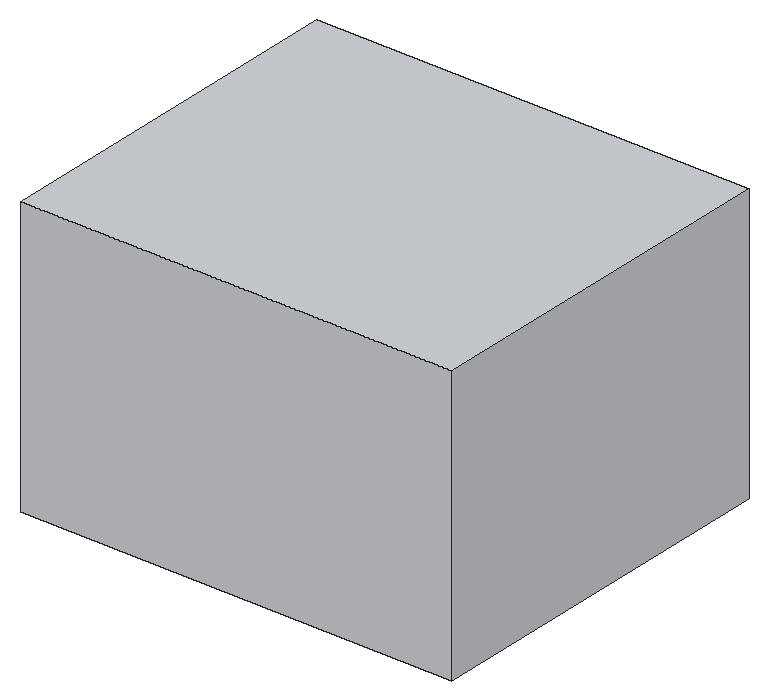
Revit family "ALG_Cutout_Slab", category Allgemeines Modell, Revit 2017
Family settings
  Kann Basisbauteil für Bewehrung sein = Nein
  Bemaßung runder Anschluss = Durchmesser verwenden
  Teiletyp = Normal
  Arbeitsebenenbasiert = Nein
  Immer vertikal = Ja
  Beim Laden mit Abzugskörper schneiden = Nein
  Gemeinsam genutzt = Nein
  Raumberechnungspunkt = Nein
Parameters (values of type "DD")
  DDR [instance] = no
  DD [instance] = yes
  ALG_Durchbruch_TiefeOhneOffset [instance] = 500 mm
  ALG_Durchbruch_Tiefe [instance] = ALG_Durchbruch_TiefeOhneOffset + (ALG_Durchbruch_Offset * 2)  # 600 mm
  ALG_Durchbruch_Offset [instance] = 50 mm
  ALG_Durchbruch_Höhe [instance] = 450 mm
  ALG_Durchbruch_BreiteOhneOffset [instance] = 600 mm
  ALG_Durchbruch_Breite [instance] = ALG_Durchbruch_BreiteOhneOffset + (ALG_Durchbruch_Offset * 2)  # 700 mm
Reference planes
  plane 1 "Mitte (Vorne/Hinten)": y = 0
  plane 2: z = 0
  plane 3 "Mitte (Links/Rechts)": x = 0
Forms (mm)
  Extrusion 1, solid, visible <- "DD"
    sketch origin (0, 0, 0) x (1, 0, 0) y (0, 1, 0)
      loop
        line (-231.582, -190.347) -> (468.418, -190.347) -> (468.418, 409.653) -> (-231.582, 409.653) -> (-231.582, -190.347)
    from -450 to 0
Lines and regions (mm)
  reference lines
    curve 1: line (-181.582, 396.497, 0) -> (-181.582, -180.347, 0)
    curve 2: line (-201.539, 359.653, 0) -> (418.418, 359.653, 0)
    curve 3: line (-201.539, -140.347, 0) -> (418.418, -140.347, 0)
    curve 4: line (418.418, 396.497, 0) -> (418.418, -190.347, 0)
    curve 5: line (-231.582, 409.653, 0) -> (468.418, 409.653, 0)
    curve 6: line (-231.582, -190.347, 0) -> (-231.582, 409.653, 0)
    curve 7: line (468.418, -190.347, 0) -> (-231.582, -190.347, 0)
    curve 8: line (468.418, 409.653, 0) -> (468.418, -190.347, 0)
    curve 9: line (-767.854, 0, -450) -> (932.146, 0, -450)
    curve 10: line (-143.075, 109.653, 0) -> (276.925, 109.653, 0)
    curve 11: line (118.418, 205.379, 0) -> (118.418, -94.621, 0)
Dimensions and locks
  "ALG_Durchbruch_Offset": curve 4 to curve 8
  "ALG_Durchbruch_Offset": curve 2 to curve 5
  "ALG_Durchbruch_Offset": curve 7 to curve 3
  "ALG_Durchbruch_Offset": curve 6 to curve 1
  "ALG_Durchbruch_Höhe": level to curve 9
  "ALG_Durchbruch_BreiteOhneOffset": curve 1 to curve 4
  "ALG_Durchbruch_TiefeOhneOffset": curve 3 to curve 2
  equal spacing: curve 3, curve 10, curve 2
  equal spacing: curve 1, curve 11, curve 4
  aligned and locked: level to plane 2
  aligned and locked: nested 1 to curve 10
  aligned and locked: nested 1 to curve 11
  aligned and locked: curve 5 to Extrusion 1
  aligned and locked: Extrusion 1 to curve 5  (x2)
  aligned and locked: Extrusion 1 to curve 4
  aligned and locked: level to Extrusion 1
  aligned and locked: curve 9 to Extrusion 1
Automatic sketch dimensions
  Extrusion 1 sketch curve to plane 3 "Mitte (Links/Rechts)" = 231.582 mm
  plane 3 "Mitte (Links/Rechts)" to Extrusion 1 sketch curve = 468.418 mm
  plane 1 "Mitte (Vorne/Hinten)" to Extrusion 1 sketch curve = 190.347 mm
  Extrusion 1 sketch curve to plane 1 "Mitte (Vorne/Hinten)" = 409.653 mm
  curve 5 to plane 3 "Mitte (Links/Rechts)" = 231.582 mm
  plane 1 "Mitte (Vorne/Hinten)" to curve 7 = 190.347 mm
  curve 3 to curve 1 = 19.957 mm
  curve 2 to curve 1 = 19.957 mm
  curve 10 to plane 3 "Mitte (Links/Rechts)" = 143.075 mm
  curve 11 to curve 10 = 158.507 mm
  curve 1 to curve 3 = 40 mm
  plane 1 "Mitte (Vorne/Hinten)" to curve 11 = 94.621 mm
  curve 10 to curve 11 = 95.725 mm
  curve 2 to curve 1 = 36.843 mm
  curve 2 to curve 4 = 36.843 mm
  curve 9 to plane 3 "Mitte (Links/Rechts)" = 767.854 mm
  plane 3 "Mitte (Links/Rechts)" to curve 9 = 932.146 mm
Nested families
  nested 1: "ALG_Cutout_DD_Symbol" at (118.418, 109.653, 0), Breite <- "ALG_Durchbruch_Breite", Tiefe <- "ALG_Durchbruch_Tiefe", visible <- "DD", type "ALG_Cutout_DD_Symbol"
    with Tiefe 600 mm, T1 200 mm, Breite 700 mm, B1 233.333 mm
Definition of nested family "ALG_Cutout_DD_Symbol"
  Parameters (values of type "ALG_Cutout_DD_Symbol")
    Tiefe [instance] = 200 mm
    B1 [instance] = Breite / 3  # 100 mm
    T1 [instance] = Tiefe / 3  # 66.667 mm
    Breite [instance] = 300 mm
  Reference planes
    plane 1 "Mitte (Vorne/Hinten)": y = 0
    plane 2: z = 0
    plane 3 "Mitte (Links/Rechts)": x = 0
  Lines and regions (mm)
    Masking region 1
      outline origin (0, 0, 0) x (1, 0, 0) y (0, 1, 0)
        loop
          line (-150, 100) -> (-150, -100) -> (150, -100) -> (-100, -66.667) -> (-150, 100)
    symbolic lines
      curve 1: line (-150, -100, 0) -> (150, -100, 0)
      curve 2: line (-150, 100, 0) -> (-150, -100, 0)
      curve 3: line (150, 100, 0) -> (-150, 100, 0)
      curve 4: line (150, -100, 0) -> (150, 100, 0)
      curve 5: line (-150, 100, 0) -> (-100, -66.667, 0)
      curve 6: line (150, -100, 0) -> (-100, -66.667, 0)
  Dimensions and locks
    equal spacing: curve 1, plane 1 "Mitte (Vorne/Hinten)", curve 3
    equal spacing: curve 2, plane 3 "Mitte (Links/Rechts)", curve 4
    "Breite": curve 2 to curve 4
    "Tiefe": curve 1 to curve 3
    "B1": curve 5 to plane 3 "Mitte (Links/Rechts)"
    "T1": plane 1 "Mitte (Vorne/Hinten)" to curve 5
    aligned and locked: level to plane 2
    aligned and locked: Masking region 1 sketch curve to curve 5
    aligned and locked: Masking region 1 sketch curve to curve 2
    aligned and locked: Masking region 1 sketch curve to curve 1
    aligned and locked: Masking region 1 sketch curve to curve 6
